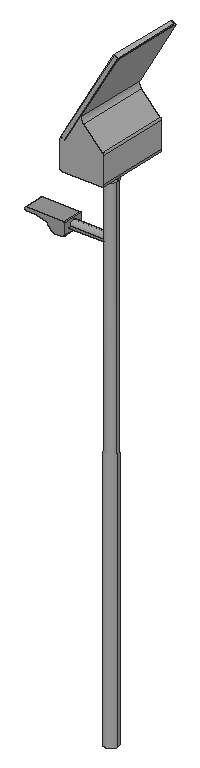
Revit family "Farola Solar Moon S acero galvanizaado", category Luminarias, Revit 2021
Family settings
  Cota de conector redondo = Diámetro de uso
  Tipo de pieza = Normal
  Se basa en plano de trabajo = No
  Siempre vertical = Sí
  Corte con vacíos al cargar = No
  Origen de luz = No
  Compartido = Sí
  Punto de cálculo de habitación = No
Parameters (values of type "Farola Olintu S pintura gris")
  URL producto = "https://ekiona.com/farolas-solares/serie-moon/"
  URL = "https://www.ekiona.com/"
  Teléfono de contacto = "(+34) 943 30 80 51"
  Keynote = ""
  Modelo = "Modelo Moon"
  Marcado CE = "SÍ"
  Garantía = "5 años"
  Gama de colores = "Blanco, Negro, Gris, Verde bosque, acero galvanizado"
  Gama de acabados = "Galvanizado, Fibra de vidrio, Aluminio"
  Fabricante = "Ekiona"
  Elevación por defecto = 2000 mm
  E-mail de contacto = "info@ekiona.com"
  Distancia inserto-columa = Altura columna planos - 136 mm  # 3864 mm
  Distancia brazo-final de columna = Altura columna planos - 500 mm  # 3500 mm
  Dirección = "Parque Tecnológico Miramón - Paseo Mikeletegi 56 - 20009 Donostia/San Sebastián"
  Descripción de la empresa = "Diseñamos, desarrollamos, fabricamos y comercializamos farolas solares que se adaptan a cualquier necesidad."
  Descripción = "Farola solar compacta y estética, la unión entre eficiencia y diseño"
  Clase eficiencia energética = "A++"
  Altura columna extremos = 4000 mm
  Altura columna planos = Altura columna extremos  # 4000 mm
Types (3, lengths in mm): name | URL producto | Modelo | Garantía | Gama de colores | Gama de acabados | Dirección | Descripción de la empresa | Descripción
  (no name) | "https://ekiona.com/farolas-solares/serie-moon/" | "Modelo Moon" | "5 años" | "Blanco, Negro, Gris, Verde bosque, acero galvanizado" | "Galvanizado, Fibra de vidrio, Aluminio" | "Parque Tecnológico Miramón - Paseo Mikeletegi 56 - 20009 Donostia/San Sebastián" | "Diseñamos, desarrollamos, fabricamos y comercializamos farolas solares que se adaptan a cualquier necesidad." | "Farola solar compacta y estética, la unión entre eficiencia y diseño"
  Farola Olintu S pintura blanca | "https://ekiona.com/farolas-solares/serie-olintu/" | "Modelo Olintu" | "2 años" | "" | "" | "" | "" | "Farola solar que combina diseño y eficencia"
  Farola Olintu S pintura gris | "https://ekiona.com/farolas-solares/serie-moon/" | "Modelo Moon" | "5 años" | "Blanco, Negro, Gris, Verde bosque, acero galvanizado" | "Galvanizado, Fibra de vidrio, Aluminio" | "Parque Tecnológico Miramón - Paseo Mikeletegi 56 - 20009 Donostia/San Sebastián" | "Diseñamos, desarrollamos, fabricamos y comercializamos farolas solares que se adaptan a cualquier necesidad." | "Farola solar compacta y estética, la unión entre eficiencia y diseño"
Reference planes
  plane 1 "Center (Front/Back)": y = 0
  plane 2: z = 0
  plane 3 "Center (Left/Right)": x = 0
  plane 4: z = 4000
  plane 5: z = 3500
Dimensions and locks
  "Altura columna planos": plane 2 to plane 4
  "Distancia brazo-final de columna": level to plane 5
  "Distancia inserto-columa": level to nested 3
  aligned and locked: level to plane 2
  aligned and locked: plane 5 to nested 2
Nested families
  nested 1: "Columna Moon S acero galvanizado" at (5, 0, 0), Altura columna <- "Altura columna extremos", type "Columna 4m"
  nested 2: "Luminaria Moon S acero galvanizado" at (5, 0, 3451.464), type "Luminaria 20W"
  nested 3: "Tolva Moon S acero galvanizado" at (5, 340, 2524.796), type "Tolva Moon S acero galvanizado"
Definition of nested family "Columna Moon S acero galvanizado"
  Parameters (values of type "Columna 5m")
    Øsuperior columna = 88 mm
    Øinferior columna = 115 mm
    Material columna = none
    Default Elevation = 0 mm
    Altura columna [instance] = 5000 mm
  Types (3, lengths in mm): name | Øinferior columna | Altura columna
    Columna 5m | 115 | 5000
    Columna 4m | 105 | 4000
    Columna 3m | 115 | 3000
  Reference planes
    plane 1 "Center (Front/Back)": y = 0
    plane 2: z = 0
    plane 3 "Center (Left/Right)": x = 0
    plane 4: z = 5000
  Forms (mm)
    Blend 1, solid, material <- "Material columna"
      base sketch origin (0, 0, 0) x (1, 0, 0) y (0, 1, 0)
        loop
          circle (0.091, 0.421) r 57.5
      top sketch origin (0, 0, 0) x (1, 0, 0) y (0, 1, 0)
        loop
          circle (0.091, 0.421) r 44
      from 0 to 5000
  Dimensions and locks
    "Altura columna": plane 4 to level
    "Øinferior columna": diameter of Blend 1 sketch curve
    "Øsuperior columna": diameter of Blend 1 sketch curve
    aligned and locked: level to plane 2
    aligned and locked: plane 4 to Blend 1
  Automatic sketch dimensions
    plane 3 "Center (Left/Right)" to Blend 1 sketch curve = 0.091 mm  (x2)
    Blend 1 sketch curve to plane 1 "Center (Front/Back)" = 0.421 mm  (x2)
Definition of nested family "Luminaria Moon S acero galvanizado"
  Parameters (values of type "Luminaria 50W")
    Tilt Angle = 70.00°
    built-in parameter 1010506 = 0.34907 (stored number, unit not read)
    built-in parameter 1010507 = 1.2217 (stored number, unit not read)
    Wattage = 50 W
    built-in parameter 1150107 = 3000 (stored number, unit not read)
    built-in parameter 1150110 = 1 (stored number, unit not read)
    built-in parameter 1150109 = 1 (stored number, unit not read)
    built-in parameter 1150112 = 1 (stored number, unit not read)
    built-in parameter 1150113 = 1 (stored number, unit not read)
    built-in parameter 1114218 = 1 (stored number, unit not read)
    built-in parameter 1150137 = (empty or 0)
    built-in parameter 1150132 = (empty or 0)
    Material luminaria = none
    Material brazo = none
    Material LED = none
    Light Source Symbol Length = 3048 mm
    built-in parameter 1150105 = 60769.7 (stored number, unit not read)
    built-in parameter 1150102 = (empty or 0)
    built-in parameter 1150106 = 607.7 (stored number, unit not read)
    Emit Shape Visible in Rendering = no
    Lumens = 8250 lm
    Color Filter = 16777215
    built-in parameter 1114217 = 0.7 (stored number, unit not read)
    built-in parameter 1150139 = (empty or 0)
    Default Elevation = 0 mm
    built-in parameter 1150104 = 15.329 (stored number, unit not read)
    Emit from Circle Diameter = 50 mm
    built-in parameter 1150115 = 1 (stored number, unit not read)
    built-in parameter 1150114 = 1 (stored number, unit not read)
    built-in parameter 1150138 = (empty or 0)
    built-in parameter 1150134 = (empty or 0)
    Dimming Lamp Color Temperature Shift = (empty or 0)
    built-in parameter 1150133 = 10 (stored number, unit not read)
  Types (4, lengths in mm): name | Wattage | built-in parameter 1150105 | built-in parameter 1150106 | Lumens
    Luminaria 30W | 30 W | 36461.8 (stored number, unit not read) | 364.62 (stored number, unit not read) | 4950 lm
    Luminaria 20W | 20 W | 24307.9 (stored number, unit not read) | 243.08 (stored number, unit not read) | 3300 lm
    Luminaria 40W | 40 W | 48615.8 (stored number, unit not read) | 486.16 (stored number, unit not read) | 6600 lm
    Luminaria 50W | 50 W | 60769.7 (stored number, unit not read) | 607.7 (stored number, unit not read) | 8250 lm
  Reference planes
    plane 1 "Center (Front/Back)": y = 0
    plane 2: z = 0
    plane 3 "Center (Left/Right)": x = 0
  Forms (mm)
    Revolve 1, solid, material <- "Material brazo"
      sketch origin (303.946, 1.989, 0) x (1, 0, 0) y (0, 1, 0)
        loop
          line (-608.495, 30) -> (-302.022, 30) -> (-302.022, 33.284) -> (-608.495, 33.284) -> (-608.495, 30)
        axis (-608.495, 0) -> (-302.022, 0)
      angle from 0 to 360
    Revolve 2, solid, material <- "Material LED"
      sketch origin (687.978, 0, -3.572) x (1, 0, 0) y (0, 0, 1)
        loop
          arc (-1192.369, 27.257) -> (-1185.047, 9.579) -> (-1167.369, 2.257) r 25
          line (-1167.369, 2.257) -> (-1167.369, 27.257) -> (-1192.369, 27.257)
        axis (-1167.369, 27.257) -> (-1167.369, 2.257)
      angle from 0 to 360
    Extrusion 3, solid, material <- "Material luminaria"
      sketch origin (238.457, 170, 0) x (1, 0, 0) y (0, 0, 1)
        loop
          arc (-530.557, 45) -> (-532.034, 47.059) -> (-534.093, 48.536) r 7.795
          line (-534.093, 48.536) -> (-819.093, 48.536)
          arc (-819.093, 48.536) -> (-830.585, 37.044) -> (-819.093, 25.552) r 11.492
          line (-819.093, 25.552) -> (-754.765, 25.552)
          arc (-754.765, 25.552) -> (-719.662, 20.455) -> (-685.221, 11.966) r 364.063
          arc (-685.221, 11.966) -> (-667.18, 1.896) -> (-655.103, -14.869) r 47.612
          arc (-655.103, -14.869) -> (-633.37, -40.263) -> (-603.441, -55.142) r 83.798
          arc (-603.441, -55.142) -> (-569.333, -56.37) -> (-535.764, -50.207) r 157.18
          arc (-535.764, -50.207) -> (-532.082, -48.682) -> (-530.557, -45) r 5.207
          line (-530.557, -45) -> (-530.557, 45)
      from 95.307 to 250
  Dimensions and locks
    aligned and locked: level to plane 2
Definition of nested family "Tolva Moon S acero galvanizado"
  Parameters (values of type "Tolva Moon S acero galvanizado")
    Model = "Tolva Olintu"
    Material inserto = none
    Material estructura base = none
    Manufacturer = "Ekiona"
    Default Elevation = 0 mm
    Ancho panel = 545 mm
  Reference planes
    plane 1 "Center (Front/Back)": y = 0
    plane 2: z = 0
    plane 3 "Center (Left/Right)": x = 0
    plane 4 "paralelo a vista izq": y = -337.5
    plane 5 "Plano 1": through (259.959, -25, 3493.187) normal (-0.5, 0, 0.866)
    plane 6: through (97.83, 0, 2130.088) normal (-0.866, 0, 0.5)
  Forms (mm)
    Revolve 1, solid, material <- "Material inserto"
      sketch origin (0, 0, -386.551) x (0, 1, 0) y (0, 0, 1)
        loop
          line (-287.5, 2035.827) -> (-287.5, 1725.755) -> (-284.5, 1725.755) -> (-284.5, 2035.827) -> (-287.5, 2035.827)
        axis (-337.5, 2035.827) -> (-337.5, 1725.755)
      angle from 0 to 360
    Extrusion 2, solid, not visible
      sketch origin (124.705, 0, 1465.982) x (1, 0, 0) y (0, 0, 1)
        loop
          line (25.298, 2103.034) -> (-292.965, 1551.785) -> (-241.004, 1521.785) -> (77.26, 2073.034) -> (25.298, 2103.034)
      from 70.047 to 615.047
    Extrusion 3, void, not visible
      sketch origin (-63.196, 0, 1140.322) x (1, 0, 0) y (0, 0, 1)
        loop
          line (224.128, 2422.685) -> (236.948, 2349.979) -> (276.798, 2419.002) -> (224.128, 2422.685)
      from 0 to 675
    Extrusion 4, void, not visible
      sketch origin (124.705, 0, 1465.982) x (1, 0, 0) y (0, 0, 1)
        loop
          line (-212.839, 1570.569) -> (-289.787, 1549.95) -> (-300.47, 1528.787) -> (-231.188, 1488.787) -> (-191.188, 1558.069) -> (-212.839, 1570.569)
      from 0 to 675
    Extrusion 5, solid, not visible
      sketch origin (-63.252, 0, 1140.601) x (1, 0, 0) y (0, 0, 1)
        loop
          line (212.635, 2427.51) -> (224.709, 2420.539) -> (237.206, 2349.669) -> (152.052, 2202.179) -> (153.752, 2201.197) -> (239.192, 2349.183) -> (226.372, 2421.888) -> (213.635, 2429.242) -> (212.635, 2427.51)
      from 70.047 to 615.047
    Extrusion 6, solid, not visible
      sketch origin (124.679, 0, 1466.114) x (1, 0, 0) y (0, 0, 1)
        loop
          line (-35.879, 1876.666) -> (-212.705, 1570.395) -> (-289.813, 1549.734) -> (-293.065, 1551.612) -> (-294.068, 1549.876) -> (-290.068, 1547.567) -> (-211.46, 1568.63) -> (-34.182, 1875.686) -> (-35.879, 1876.666)
      from 70.047 to 615.047
    Extrusion 7, solid, not visible
      sketch origin (124.769, 0, 1465.921) x (1, 0, 0) y (0, 0, 1)
        loop
          line (-292.965, 1551.785) -> (25.035, 2102.578) -> (-5.276, 2120.078) -> (-323.276, 1569.285) -> (-292.965, 1551.785)
      from 70.047 to 615.047
    Extrusion 8, void, not visible
      sketch origin (-1013.482, -34.1, 1392.821) x (0, 1, 0) y (0.5, 0, 0.866025)
        loop
          line (-463.861, 2321.81) -> (-416.148, 2321.81)
          arc (-416.148, 2321.81) -> (-419.48, 2339.286) -> (-430.409, 2353.323) r 37.954
          arc (-430.409, 2353.323) -> (-445.409, 2358.568) -> (-460.409, 2353.323) r 24.073
          arc (-460.409, 2353.323) -> (-471.433, 2339.075) -> (-474.645, 2321.349) r 37.954
          arc (-474.645, 2321.349) -> (-473.167, 2312.913) -> (-469.836, 2305.024) r 37.954
          arc (-469.836, 2305.024) -> (-441.562, 2289.96) -> (-416.017, 2309.293) r 29.744
          line (-416.017, 2309.293) -> (-423.962, 2312.74)
          arc (-423.962, 2312.74) -> (-442.617, 2300.75) -> (-461.255, 2312.766) r 20.484
          arc (-461.255, 2312.766) -> (-462.888, 2317.193) -> (-463.861, 2321.81) r 32.425
        loop
          line (-462.861, 2331.038) -> (-427.861, 2331.038)
          arc (-427.861, 2331.038) -> (-445.361, 2348.538) -> (-462.861, 2331.038) r 17.5
        loop
          line (-407.152, 2354.99) -> (-407.152, 2299.99)
          arc (-407.152, 2299.99) -> (-401.908, 2294.747) -> (-396.665, 2299.99) r 5.244
          line (-396.665, 2299.99) -> (-396.665, 2315.008) -> (-387.196, 2324.476) -> (-367.121, 2295.806)
          arc (-367.121, 2295.806) -> (-360.158, 2294.578) -> (-358.93, 2301.542) r 5
          line (-358.93, 2301.542) -> (-380.016, 2331.656) -> (-362.339, 2349.334)
          arc (-362.339, 2349.334) -> (-362.339, 2357.323) -> (-370.328, 2357.323) r 5.649
          line (-370.328, 2357.323) -> (-396.665, 2330.986) -> (-396.665, 2354.99)
          arc (-396.665, 2354.99) -> (-401.908, 2360.234) -> (-407.152, 2354.99) r 5.244
        loop
          line (-345.695, 2330.348) -> (-345.695, 2298.296)
          arc (-345.695, 2298.296) -> (-340.695, 2293.296) -> (-335.695, 2298.296) r 5
          line (-335.695, 2298.296) -> (-335.695, 2330.348)
          arc (-335.695, 2330.348) -> (-340.695, 2335.348) -> (-345.695, 2330.348) r 5
        loop
          arc (-313.958, 2351.943) -> (-322.635, 2348.932) -> (-329.497, 2355.038) r 9.076
          arc (-329.497, 2355.038) -> (-336.449, 2361.579) -> (-345.695, 2359.211) r 9.903
          arc (-345.695, 2359.211) -> (-348.682, 2355.086) -> (-349.922, 2350.147) r 13.45
          arc (-349.922, 2350.147) -> (-346.706, 2343.243) -> (-339.177, 2342.089) r 8.071
          arc (-339.177, 2342.089) -> (-335.695, 2342.685) -> (-332.214, 2342.089) r 10.463
          arc (-332.214, 2342.089) -> (-327.031, 2338.208) -> (-325.061, 2332.04) r 10.635
          arc (-325.061, 2332.04) -> (-262.525, 2310.202) -> (-313.958, 2351.943) r 33.621
        loop
          line (-250.357, 2353.481) -> (-250.357, 2298.481)
          arc (-250.357, 2298.481) -> (-243.625, 2291.749) -> (-236.893, 2298.481) r 6.732
          line (-236.893, 2298.481) -> (-236.893, 2343.466)
          arc (-236.893, 2343.466) -> (-229.971, 2349.019) -> (-221.459, 2351.529) r 22.933
          arc (-221.459, 2351.529) -> (-212.902, 2347.984) -> (-209.357, 2339.427) r 12.102
          line (-209.357, 2339.427) -> (-209.357, 2298.481)
          arc (-209.357, 2298.481) -> (-203.024, 2292.148) -> (-196.691, 2298.481) r 6.333
          line (-196.691, 2298.481) -> (-196.691, 2339.905)
          arc (-196.691, 2339.905) -> (-198.028, 2347.169) -> (-201.863, 2353.481) r 20.404
          arc (-201.863, 2353.481) -> (-219.569, 2360.932) -> (-237.793, 2354.854) r 27.258
          arc (-237.793, 2354.854) -> (-244.69, 2359.8) -> (-250.357, 2353.481) r 6.357
        loop
          arc (-184.719, 2344.597) -> (-181.441, 2338.502) -> (-174.681, 2339.98) r 5.745
          arc (-174.681, 2339.98) -> (-169.693, 2349.593) -> (-159.36, 2352.836) r 14.106
          arc (-159.36, 2352.836) -> (-151.076, 2350.212) -> (-144.661, 2344.349) r 20.193
          line (-144.661, 2344.349) -> (-144.661, 2338.186)
          arc (-144.661, 2338.186) -> (-158.183, 2333.475) -> (-172.248, 2330.794) r 97.575
          arc (-172.248, 2330.794) -> (-181.869, 2326.808) -> (-185.855, 2317.187) r 13.607
          arc (-185.855, 2317.187) -> (-186.09, 2312.502) -> (-186.044, 2307.811) r 78.299
          arc (-186.044, 2307.811) -> (-182.313, 2300.899) -> (-176.154, 2296.024) r 19.471
          arc (-176.154, 2296.024) -> (-166.154, 2293.649) -> (-156.154, 2296.024) r 22.235
          arc (-156.154, 2296.024) -> (-150.683, 2299.242) -> (-145.676, 2303.144) r 48.757
          line (-145.676, 2303.144) -> (-145.676, 2297.176)
          arc (-145.676, 2297.176) -> (-140.801, 2292.301) -> (-135.926, 2297.176) r 4.875
          line (-135.926, 2297.176) -> (-135.926, 2347.483)
          arc (-135.926, 2347.483) -> (-140.108, 2354.143) -> (-146.491, 2358.739) r 20.503
          arc (-146.491, 2358.739) -> (-158.534, 2361.376) -> (-170.577, 2358.739) r 28.822
          arc (-170.577, 2358.739) -> (-178.914, 2352.934) -> (-184.719, 2344.597) r 28.822
        loop
          arc (-144.661, 2330.676) -> (-156.177, 2325.488) -> (-168.693, 2323.785) r 44.019
          arc (-168.693, 2323.785) -> (-173.358, 2321.852) -> (-175.29, 2317.187) r 6.598
          arc (-175.29, 2317.187) -> (-175.527, 2313.145) -> (-175.29, 2309.103) r 34.669
          arc (-175.29, 2309.103) -> (-173.729, 2305.335) -> (-169.961, 2303.774) r 5.329
          arc (-169.961, 2303.774) -> (-163.465, 2302.436) -> (-156.969, 2303.774) r 16.436
          arc (-156.969, 2303.774) -> (-150.056, 2308.034) -> (-144.661, 2314.101) r 27.926
          line (-144.661, 2314.101) -> (-144.661, 2330.676)
      from -19.407 to 3
    Revolve 9, solid, not visible
      sketch origin (0, 0, 1241.412) x (0, 1, 0) y (0, 0, 1)
        loop
          line (-287.5, 2035.827) -> (-287.5, 1725.755) -> (-284.5, 1725.755) -> (-284.5, 2035.827) -> (-287.5, 2035.827)
        axis (-337.5, 2035.827) -> (-337.5, 1725.755)
      angle from 0 to 360
    Extrusion 10, solid, not visible
      sketch origin (128.943, 0, 6.927) x (1, 0, 0) y (0, 0, 1)
        loop
          line (25.298, 2103.034) -> (-292.965, 1551.785) -> (-241.004, 1521.785) -> (77.26, 2073.034) -> (25.298, 2103.034)
      from 70.047 to 615.047
    Extrusion 11, solid, not visible
      sketch origin (-59.014, 0, -318.454) x (1, 0, 0) y (0, 0, 1)
        loop
          line (212.635, 2427.51) -> (224.709, 2420.539) -> (237.206, 2349.669) -> (152.052, 2202.179) -> (153.752, 2201.197) -> (239.192, 2349.183) -> (226.372, 2421.888) -> (213.635, 2429.242) -> (212.635, 2427.51)
      from 70.047 to 615.047
    Extrusion 12, solid, not visible
      sketch origin (128.918, 0, 7.059) x (1, 0, 0) y (0, 0, 1)
        loop
          line (-35.879, 1876.666) -> (-212.705, 1570.395) -> (-289.813, 1549.734) -> (-293.065, 1551.612) -> (-294.068, 1549.876) -> (-290.068, 1547.567) -> (-211.46, 1568.63) -> (-34.182, 1875.686) -> (-35.879, 1876.666)
      from 70.047 to 615.047
    Revolve 13, solid, not visible
      sketch origin (0, 0, -217.643) x (0, 1, 0) y (0, 0, 1)
        loop
          line (-287.5, 2035.827) -> (-287.5, 1725.755) -> (-284.5, 1725.755) -> (-284.5, 2035.827) -> (-287.5, 2035.827)
        axis (-337.5, 2035.827) -> (-337.5, 1725.755)
      angle from 0 to 360
    Extrusion 14, solid
      sketch origin (106.298, 0, 251.777) x (1, 0, 0) y (0, 0, 1)
        loop
          line (160.132, 2120.334) -> (134.151, 2135.334) -> (-268.349, 1438.184) -> (-242.368, 1423.184) -> (160.132, 2120.334)
      from 72.309 to 613.86
    Extrusion 15, solid, material <- "Material estructura base"
      sketch origin (0, 0, 0) x (1, 0, 0) y (0, 0, 1)
        loop
          arc (147.315, 1456.297) -> (160.446, 1461.736) -> (165.885, 1474.867) r 18.569
          line (165.885, 1474.867) -> (165.885, 1674.867)
          arc (165.885, 1674.867) -> (163.765, 1685.3) -> (157.744, 1694.079) r 26.74
          line (157.744, 1694.079) -> (12.787, 1839.036)
          arc (12.787, 1839.036) -> (-0.782, 1863.06) -> (0, 1890.64) r 51.489
          line (0, 1890.64) -> (275.091, 2367.111) -> (244.78, 2384.611) -> (-167.647, 1670.268)
          arc (-167.647, 1670.268) -> (-169.408, 1662.657) -> (-170, 1654.867) r 51.572
          line (-170, 1654.867) -> (-170, 1477.511)
          arc (-170, 1477.511) -> (-163.787, 1462.511) -> (-148.787, 1456.297) r 21.213
          line (-148.787, 1456.297) -> (147.315, 1456.297)
      from 70.047 to 615.047
  Dimensions and locks
    Revolve 1 sketch curve to Revolve 1 sketch curve = 50 mm
    Revolve 1 sketch curve to Revolve 1 sketch curve = 53 mm
    Revolve 13 sketch curve to Revolve 13 sketch curve = 50 mm
    Revolve 13 sketch curve to Revolve 13 sketch curve = 53 mm
    Extrusion 15 to Extrusion 14 = 805 mm
    aligned and locked: level to plane 2
